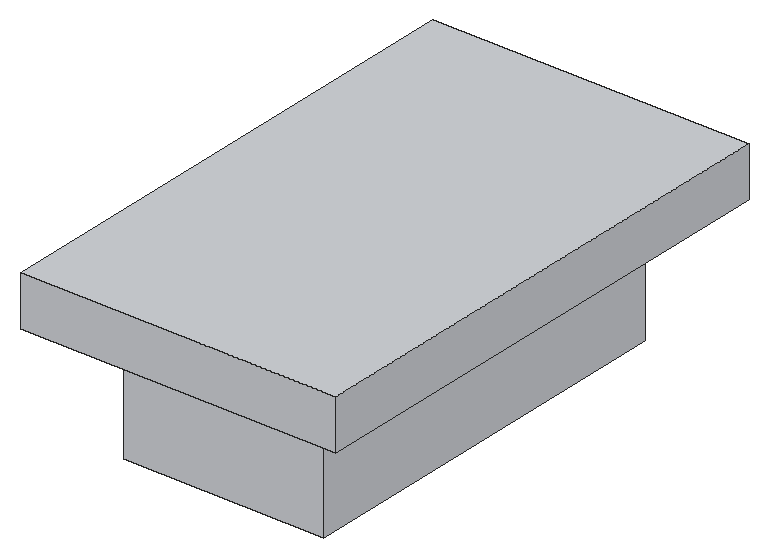
Revit family "3a1786ba6e6543f28a423744c3a7adcc", category Nurse Call Devices, host Face, Revit 2021
Family settings
  Host = Face
  Maintain Annotation Orientation = Yes
  Round Connector Dimension = Use Diameter
  Part Type = Normal
  OmniClass Number = 23.85.30.24.14
  OmniClass Title = Nurse Call Systems
  Seek Item ID = Nurse Station-0000-USA-ENU
  Cut with Voids When Loaded = No
  Shared = No
  Room Calculation Point = No
Parameters (values of type "Standard")
  Project = 0' - 0 7/16"
  Label = "N"
  Default Elevation = 4' - 0"
  Faceplate Width = 0' - 4 1/2"
  Faceplate Material = none
  Faceplate Length = 0' - 2 3/4"
  Faceplate Height = 0' - 1 1/2"
Reference planes (in)
  plane 1 "Center (Front/Back)": y = 0
  plane 2: z = 0
  plane 3 "Center (Left/Right)": x = 0
  plane 4: y = -4.5
  plane 5: x = -1.375
  plane 6: x = 1.375
  plane 7: z = 0.4375
  plane 8: z = -1.0625
  plane 9: x = -0.875
  plane 10: x = 0.875
  plane 11: y = -0.5
  plane 12: y = -4
Forms (in)
  Extrusion 1, solid, material <- "Faceplate Material"
    sketch origin (0, 0, 0) x (1, 0, 0) y (0, 1, 0)
      loop
        line (-1.375, 0) -> (-1.375, -4.5) -> (1.375, -4.5) -> (1.375, 0) -> (-1.375, 0)
    from 0 to 0.4375
  Extrusion 2, solid, material <- "Faceplate Material"
    sketch origin (0, 0, 0) x (1, 0, 0) y (0, 1, 0)
      loop
        line (-0.875, -0.5) -> (-0.875, -4) -> (0.875, -4) -> (0.875, -0.5) -> (-0.875, -0.5)
    from -1.0625 to 0
Lines and regions (in)
  symbolic lines, detail levels fine
    curve 1: line (1.375, 0, 0.4375) -> (-1.375, 0, 0.4375)
    curve 2: line (-1.375, 0, 0.4375) -> (-1.375, 0, 0)
    curve 3: line (1.375, 0, 0) -> (1.375, 0, 0.4375)
    curve 4: line (-1.375, 0, 0) -> (1.375, 0, 0)
    curve 5: line (-0.875, 0, 0) -> (-0.875, 0, -1.0625)
    curve 6: line (0.875, 0, -1.0625) -> (0.875, 0, 0)
    curve 7: line (-0.875, 0, -1.0625) -> (0.875, 0, -1.0625)
Dimensions and locks (in)
  equal spacing: plane 5, plane 3 "Center (Left/Right)", plane 6
  "Faceplate Length": plane 5 to plane 6
  "Faceplate Width": plane 1 "Center (Front/Back)" to plane 4
  locked: plane 5 to plane 9 at 0.5
  locked: plane 10 to plane 6 at 0.5
  locked: plane 1 "Center (Front/Back)" to plane 11 at 0.5
  locked: plane 12 to plane 4 at 0.5
  "Faceplate Height": plane 7 to plane 8
  "Project": plane 7 to plane 2
  aligned and locked: plane 2 to host face
  aligned and locked: level to host face
  aligned and locked: plane 5 to Extrusion 1 sketch curve
  aligned and locked: plane 1 "Center (Front/Back)" to Extrusion 1 sketch curve
  aligned and locked: plane 4 to Extrusion 1 sketch curve
  aligned and locked: Extrusion 1 sketch curve to plane 6
  aligned and locked: plane 9 to Extrusion 2 sketch curve
  aligned and locked: Extrusion 2 sketch curve to plane 11
  aligned and locked: plane 12 to Extrusion 2 sketch curve
  aligned and locked: Extrusion 2 sketch curve to plane 10
  aligned and locked: Extrusion 2 to plane 8
  aligned and locked: plane 7 to Extrusion 1
  aligned and locked: Extrusion 1 to plane 2
  aligned and locked: plane 2 to Extrusion 2
  aligned and locked: plane 1 "Center (Front/Back)" to nested 1
  aligned and locked: plane 3 "Center (Left/Right)" to nested 1
  aligned and locked: curve 1 to Extrusion 1
  aligned and locked: curve 2 to Extrusion 1
  aligned and locked: curve 3 to Extrusion 1
  aligned and locked: curve 4 to Extrusion 1
  aligned and locked: curve 5 to Extrusion 2
  aligned and locked: curve 6 to Extrusion 2
  aligned and locked: curve 7 to Extrusion 2
Automatic sketch dimensions
  host sketch curve to host sketch curve = 8' - 0"  (x2)
Nested families (in)
  nested 1: "Nurse Station Annotation" at (0, 0, 0), type "Nurse Station Annotation", detail levels coarse+medium
Connectors (in)
  electrical at (0, -0.5, -0.53125)
    settings: on Extrusion 2, index 1, voltage 0 V, apparent load 0 VA, apparent load phase1 0 VA, apparent load phase2 0 VA, apparent load phase3 0 VA, power factor 1, load classification "Other", number of poles 1, system type 12, power factor state 1, is connector primary yes, connector utility no, sub classification motor no, connector description ""
Definition of nested family "Nurse Station Annotation"
  Parameters
    Label Annotation = "AIM"
  Reference planes (in)
    plane 1: y = 0
    plane 2: x = 0
  Lines and regions (in)
    reference lines
      curve 1: line (0.07813, 0.44323, 0) -> (0.07812, -0.22769, 0)
      curve 2: line (-0.07812, 0.44323, 0) -> (-0.07812, -0.22769, 0)
      curve 3: line (-0.19318, 0.15625, 0) -> (0.77822, 0.15625, 0)
      curve 4: line (-0.19318, 0, 0) -> (0.77822, 0, 0)
    detail lines
      curve 5: line (-0.07812, 0.15625, 0) -> (0.07812, 0.15625, 0)
      curve 6: line (-0.07812, 0, 0) -> (-0.07812, 0.15625, 0)
      curve 7: line (0.07812, 0, 0) -> (-0.07812, 0, 0)
      curve 8: line (0.07812, 0.15625, 0) -> (0.07812, 0, 0)
  Text (in)
    label "N" at (-0.04544, 0.07495, 0), shows "Label Annotation"
  Dimensions and locks (in)
    locked: plane 2 to curve 1 at 0.07812
    locked: curve 2 to plane 2 at 0.07812
    locked: curve 4 to plane 1
    locked: curve 4 to curve 3 at 0.15625
    aligned and locked: curve 3 to curve 5
    aligned and locked: curve 1 to curve 8
    aligned and locked: curve 7 to curve 4
    aligned and locked: curve 6 to curve 2
